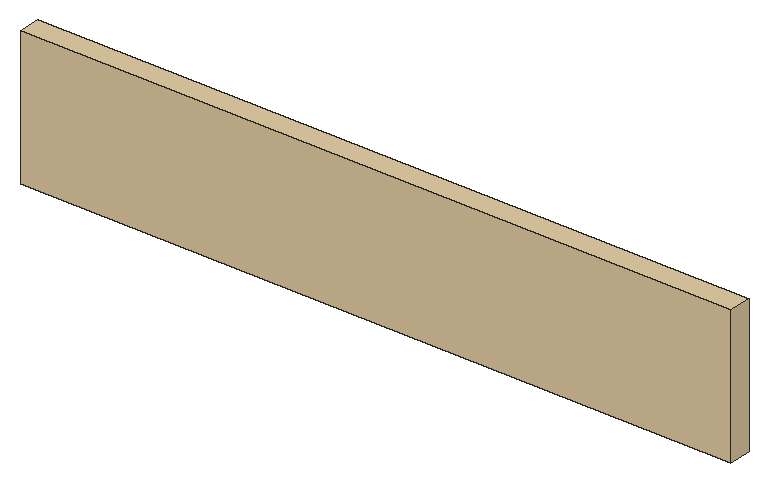
Revit family "41d19713746a4f27ba289e29c0a5070b", category Structural Framing, Revit 2021
Family settings
  Structural Framing Length Roundoff = 0' - 0"
  Section Shape = Not Defined
  Material for Model Behavior = Wood
  Always export as geometry = No
  OmniClass Number = 23.25.30.11.14.14
  OmniClass Title = Beams
  Seek Item ID = Dimension Lumber-0000-USA-ENU
  Always vertical = Yes
  Cut with Voids When Loaded = No
  Symbolic Representation = From Project Settings
  Shared = No
  Show family pre-cut in plan views = Yes
Parameters (values of type "2x10")
  Structural Material [instance] = Softwood, Lumber
  A = 13.88 in²
  Assembly Code = "B10"
  Length [instance] = 5' - 0"
  b = 0' - 1 1/2"
  d = 0' - 9 1/4"
Types (2): name | A | d
  2x10 | 13.88 in² | 0' - 9 1/4"
  2x12 | 16.88 in² | 0' - 11 1/4"
Reference planes (in)
  plane 1 "Center (Front/Back)": y = 0
  plane 2: z = 0
  plane 3 "Center (Left/Right)": x = 0.1815
  plane 4 "Member Left": x = -23.8185
  plane 5 "Member Right": x = 24.1815
  plane 6: y = 0.75
  plane 7: y = -0.75
  plane 8: z = 4.625
  plane 9: z = -4.625
  plane 10 "Left": x = -29.8185
  plane 11 "Stick Symbol Left": x = -17.8185
  plane 12 "Stick Symbol Right": x = 18.1815
  plane 13 "Right": x = 30.1815
Forms (in)
  Sweep 1, solid, material "Softwood, Lumber" <- "Structural Material", detail levels medium+fine
    path origin (0, 0, 0) x (1, 0, 0) y (0, 1, 0)
      loop
        line (24.1815, 0) -> (-23.8185, 0)
    profile "Rectangular Wood Beam-Profile : Rectangular Wood Beam-Profile" origin (0.1815, 0, 0) x (0, -1, 0) y (0, 0, 1)
      loop
        line (-0.75, -4.625) -> (0.75, -4.625) -> (0.75, 4.625) -> (-0.75, 4.625) -> (-0.75, -4.625)
Lines and regions (in)
  symbolic lines, style "Stick Symbols", detail levels coarse
    curve 1: line (0.1815, 0.75, 4.625) -> (0.1815, -0.75, 4.625)
    curve 2: line (0.1815, -0.75, -4.625) -> (0.1815, 0.75, -4.625)
    curve 3: line (0.1815, -0.75, 4.625) -> (0.1815, -0.75, -4.625)
    curve 4: line (0.1815, 0.75, -4.625) -> (0.1815, 0.75, 4.625)
Dimensions and locks (in)
  "b": plane 6 to plane 7
  "d": plane 9 to plane 8
  equal spacing: plane 9, plane 2, plane 8
  equal spacing: plane 6, plane 1 "Center (Front/Back)", plane 7
  "Length": plane 10 "Left" to plane 13 "Right"
  aligned and locked: Sweep 1 sketch curve to plane 1 "Center (Front/Back)"
  aligned and locked: curve 1 to Sweep 1
  aligned and locked: curve 2 to Sweep 1
  aligned and locked: curve 3 to Sweep 1
  aligned and locked: curve 4 to Sweep 1
  aligned and locked: plane 4 "Member Left" to Sweep 1 sketch curve
  aligned and locked: plane 5 "Member Right" to Sweep 1 sketch curve
